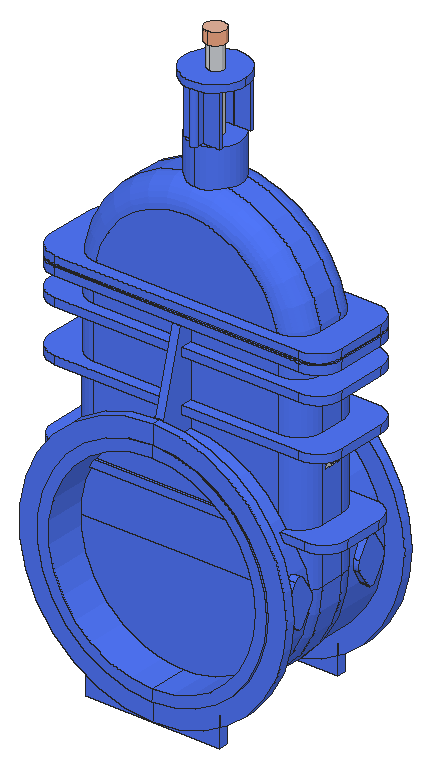
Revit family "54-3132-001 DN1200", category Pipe Accessories, Revit 2022
Family settings
  Round Connector Dimension = Use Diameter
  Part Type = Valve - Breaks Into
  Work Plane-Based = No
  Always vertical = No
  Cut with Voids When Loaded = No
  Shared = No
Parameters (values of type "54-1200-32-1304100")
  wedge_dim1 = Body_W * 1.1  # 460.35 mm
  sweep = size_lookup(Search_table, "sweep", 0.00 mm, DN)  # 6.00 mm
  stem_dim1 = Actuator_FLR * 0.65  # 113.75 mm
  stem_dim = F2 / 3  # 68.667 mm
  bottom_rib = OD * 0.5  # 773.00 mm
  W_half = W - W1  # 1018.00 mm
  W1 = size_lookup(Search_table, "W1", 0.00 mm, DN)  # 694.00 mm
  W = size_lookup(Search_table, "W", 0.00 mm, DN)  # 1712.00 mm
  Stem_dim = Actuator_FLR * 0.5  # 87.50 mm
  Rib_W = (Bonnet_FL_W * 0.9) / 2  # 251.10 mm
  Rib_L = (Bonnet_FL_L * 0.9) / 2  # 760.50 mm
  Rib_H4 = size_lookup(Search_table, "Rib_H4", 0.00 mm, DN)  # 1080.00 mm
  Rib_H3 = size_lookup(Search_table, "Rib_H3", 0.00 mm, DN)  # 930.00 mm
  Rib_H2 = size_lookup(Search_table, "Rib_H2", 0.00 mm, DN)  # 780.00 mm
  Rib_H1 = size_lookup(Search_table, "Rib_H1", 0.00 mm, DN)  # 300.00 mm
  Rib_H = Body_H * 0.8  # 970.80 mm
  Rib_Actual = W / 2  # 856.00 mm
  Raised_dis = size_lookup(Search_table, "Raised_dis", 0.00 mm, DN)  # 5.00 mm
  Raised_dia = size_lookup(Search_table, "Raised_dia", 0.00 mm, DN)  # 1328.00 mm
  PN = size_lookup(Search_table, "PN", 0.00 mm, DN)  # 16.00 mm
  OD1 = H2 * 2  # 1546.00 mm
  OD = size_lookup(Search_table, "OD", 0.00 mm, DN)  # 1546.00 mm
  L = size_lookup(Search_table, "L", 0.00 mm, DN)  # 914.00 mm
  H2 = size_lookup(Search_table, "H2", 0.00 mm, DN)  # 773.00 mm
  H1 = size_lookup(Search_table, "H1", 0.00 mm, DN)  # 2427.00 mm
  H = 782.00 mm
  Fillet = Body_W / 3  # 139.50 mm
  FL_T = size_lookup(Search_table, "FL_T", 0.00 mm, DN)  # 57.00 mm
  F2 = size_lookup(Search_table, "F2", 0.00 mm, DN)  # 206.00 mm
  F1 = F * 0.45  # 31.50 mm
  F = Actuator_FLR * 0.4  # 70.00 mm
  DN = 1200.17 mm
  Description_ = "AVK METAL SEAT GATE VALVE, FLANGED, PN 10/16"
  Default Elevation = 0.00 mm
  Search_table = "54-3132-001 DN1200"
  URL product pages = "https://www.avkvalves.com/P.aspx?no=540350310101100"
  Cut_dis = Bonnet_FL_T / 2  # 54.15 mm
  Bypass_R1 = Bypass_R * 2  # 58.00 mm
  Bypass_R = size_lookup(Search_table, "Bypass_R", 0.00 mm, DN)  # 29.00 mm
  Bypass_W = size_lookup(Search_table, "Bypass_W", 0.00 mm, DN)  # 90.00 mm
  Bypass_Location = size_lookup(Search_table, "Bypass_Location", 0.00 mm, DN)  # 259.00 mm
  Bypass_L = size_lookup(Search_table, "Bypass_L", 0.00 mm, DN)  # 106.00 mm
  Bore = DN / 2  # 600.085 mm
  Bonnet_fillet = Fillet / 3  # 46.50 mm
  Bonnet_dim3 = H1 * 0.86  # 2087.22 mm
  Bonnet_dim2 = Body_W * 0.35  # 146.475 mm
  Bonnet_dim1 = Body_L * 0.2  # 270.40 mm
  Bonnet_FL_W = size_lookup(Search_table, "Bonnet_FL_W", 0.00 mm, DN)  # 558.00 mm
  Bonnet_FL_T = FL_T * 1.9  # 108.30 mm
  Bonnet_FL_L = size_lookup(Search_table, "Bonnet_FL_L", 0.00 mm, DN)  # 1690.00 mm
  Body_rib_T = FL_T * 0.4  # 22.80 mm
  Body_T = size_lookup(Search_table, "Body_T", 0.00 mm, DN) / 2  # 592.50 mm
  Body_W = Bonnet_FL_W * 0.75  # 418.50 mm
  Body_L = Bonnet_FL_L * 0.8  # 1352.00 mm
  Body_H = H1 / 2  # 1213.50 mm
  BP_centre = Bypass_R / 2  # 14.50 mm
  Actuator_dim2 = Actuator_dim1 * 0.6  # 63.00 mm
  Actuator_dim1 = Actuator_FLR * 0.6  # 105.00 mm
  Actuator_FLR = size_lookup(Search_table, "Actuator_FLR", 0.00 mm, DN) / 2  # 175.00 mm
  ADN = size_lookup(Search_table, "ADN", 0.00 mm, DN)  # 1200.00 mm
  ACtuator_T = Body_rib_T * 1.8  # 41.04 mm
  54-1200-32-1304100 = "DN1200_ PN16_ CTO"
  54-1200-32-1302100 = "DN1200_ PN16_ CTO"
  54-1200-32-0302100 = "DN1200_ PN10_ CTO"
  54-1200-31-1304100 = "DN1200_ PN16_ CTC"
  54-1200-31-1303100 = "DN1200_ PN16_ CTC"
  54-1200-31-1302100 = "DN1200_ PN16_ CTC"
  54-1200-31-0304100 = "DN1200_ PN10_ CTC"
  54-1200-31-0303100 = "DN1200_ PN10_ CTC"
  54-1200-31-0302100 = "DN1200_ PN10_ CTC"
  10 = 10.00 mm  # constant formula
  1 = 1.00 mm  # constant formula
Types (10, lengths in mm): name | stem_dim1 | stem_dim | Stem_dim | PN | FL_T | F2 | F1 | F | DN | Cut_dis | Bore | Bonnet_FL_T | Body_rib_T | Actuator_dim2 | Actuator_dim1 | Actuator_FLR | ACtuator_T
  (no name) | 113.75 | 68.667 | 87.50 | 16.00 | 57.00 | 206.00 | 31.50 | 70.00 | 1200.17 | 54.15 | 600.085 | 108.30 | 22.80 | 63.00 | 105.00 | 175.00 | 41.04
  54-1200-31-0302100 | 68.25 | 45.333 | 52.50 | 10.00 | 45.00 | 136.00 | 18.90 | 42.00 | 1200.00 | 42.75 | 600.00 | 85.50 | 18.00 | 37.80 | 63.00 | 105.00 | 32.40
  54-1200-31-0303100 | 97.50 | 58.667 | 75.00 | 10.00 | 45.00 | 176.00 | 27.00 | 60.00 | 1200.10 | 42.75 | 600.05 | 85.50 | 18.00 | 54.00 | 90.00 | 150.00 | 32.40
  54-1200-31-0304100 | 113.75 | 68.667 | 87.50 | 10.00 | 45.00 | 206.00 | 31.50 | 70.00 | 1200.11 | 42.75 | 600.055 | 85.50 | 18.00 | 63.00 | 105.00 | 175.00 | 32.40
  54-1200-31-1302100 | 68.25 | 45.333 | 52.50 | 16.00 | 57.00 | 136.00 | 18.90 | 42.00 | 1200.12 | 54.15 | 600.06 | 108.30 | 22.80 | 37.80 | 63.00 | 105.00 | 41.04
  54-1200-31-1303100 | 97.50 | 58.667 | 75.00 | 16.00 | 57.00 | 176.00 | 27.00 | 60.00 | 1200.13 | 54.15 | 600.065 | 108.30 | 22.80 | 54.00 | 90.00 | 150.00 | 41.04
  54-1200-31-1304100 | 113.75 | 68.667 | 87.50 | 16.00 | 57.00 | 206.00 | 31.50 | 70.00 | 1200.14 | 54.15 | 600.07 | 108.30 | 22.80 | 63.00 | 105.00 | 175.00 | 41.04
  54-1200-32-0302100 | 68.25 | 45.333 | 52.50 | 10.00 | 45.00 | 136.00 | 18.90 | 42.00 | 1200.15 | 42.75 | 600.075 | 85.50 | 18.00 | 37.80 | 63.00 | 105.00 | 32.40
  54-1200-32-1302100 | 68.25 | 45.333 | 52.50 | 16.00 | 57.00 | 136.00 | 18.90 | 42.00 | 1200.16 | 54.15 | 600.08 | 108.30 | 22.80 | 37.80 | 63.00 | 105.00 | 41.04
  54-1200-32-1304100 | 113.75 | 68.667 | 87.50 | 16.00 | 57.00 | 206.00 | 31.50 | 70.00 | 1200.17 | 54.15 | 600.085 | 108.30 | 22.80 | 63.00 | 105.00 | 175.00 | 41.04
Reference planes
  plane 1 "Center (Front/Back)": y = 0
  plane 2: z = 0
  plane 3 "Center (Left/Right)": x = 0
  plane 4: z = 600.085
  plane 5: y = 190.5
  plane 6: y = -190.5
  plane 7: x = -1018
  plane 8: y = 457
  plane 9: y = -457
  plane 10: y = 400
  plane 11: y = -400
  plane 12: z = 773
  plane 13: z = -773
  plane 14: z = 773
  plane 15: z = -773
  plane 16: z = 664
  plane 17: z = -664
  plane 18: y = 209.25
  plane 19: y = -209.25
  plane 20: x = -676
  plane 21: x = 676
  plane 22: z = 1213.5
  plane 23: y = 279
  plane 24: y = -279
  plane 25: x = -845
  plane 26: x = 845
  plane 27: z = 1321.8
  plane 28: z = 2427
  plane 29: y = 279
  plane 30: y = -279
  plane 31: z = 2087.22
  plane 32: z = 300
  plane 33: z = 277.5
  plane 34: y = -279
  plane 35: y = 279
  plane 36: z = 2633
  plane 37: x = 694
  plane 38: x = 671.2
  plane 39: y = 230.175
  plane 40: y = -230.175
  plane 41: x = -386.5
  plane 42: x = 386.5
  plane 43: z = -600.085
  plane 44: y = -452
  plane 45: y = 452
  plane 46: x = -386.5
  plane 47: x = 386.5
  plane 48: z = -600.085
  plane 49: x = -35
  plane 50: x = 35
  plane 51: x = -15.75
  plane 52: x = 15.75
  plane 53: x = -175
  plane 54: x = 175
  plane 55: x = 600.085
  plane 56: z = 780
  plane 57: z = 930
  plane 58: z = 1080
  plane 59: z = 2564.333
  plane 60: y = -259
  plane 61: y = 259
Forms (mm)
  Revolve 1, solid, material "Plastic"
    sketch origin (0, 0, 0) x (0, 1, 0) y (0, 0, 1)
      loop
        line (457, 600.085) -> (457, 664) -> (452, 664) -> (452, 773) -> (400, 773) -> (400, 657.085) -> (-400, 657.085) -> (-400, 773) -> (-452, 773) -> (-452, 664) -> (-457, 664) -> (-457, 600.085) -> (457, 600.085)
      axis (457, 0) -> (-457, 0)
    angle from 0 to 360
  Extrusion 2, solid, material "Plastic"
    sketch origin (0, 0, 0) x (1, 0, 0) y (0, 1, 0)
      loop
        arc (-536.5, 209.25) -> (-635.141, 168.391) -> (-676, 69.75) r 139.5
        line (-676, 69.75) -> (-676, -69.75)
        arc (-676, -69.75) -> (-635.141, -168.391) -> (-536.5, -209.25) r 139.5
        line (-536.5, -209.25) -> (536.5, -209.25)
        arc (536.5, -209.25) -> (635.141, -168.391) -> (676, -69.75) r 139.5
        line (676, -69.75) -> (676, 69.75)
        arc (676, 69.75) -> (635.141, 168.391) -> (536.5, 209.25) r 139.5
        line (536.5, 209.25) -> (-536.5, 209.25)
    from 0 to 1213.5
  Revolve 3, solid, material "Plastic"
    sketch origin (0, 0, 0) x (1, 0, 0) y (0, 1, 0)
      loop
        arc (-536.5, 209.25) -> (-635.141, 168.391) -> (-676, 69.75) r 139.5
        line (-676, 69.75) -> (-676, -69.75)
        arc (-676, -69.75) -> (-635.141, -168.391) -> (-536.5, -209.25) r 139.5
        line (-536.5, -209.25) -> (0, -209.25) -> (0, 209.25) -> (-536.5, 209.25)
      axis (0, 209.25) -> (0, -209.25)
    angle from 0 to 180
  Extrusion 4, solid, material "Plastic"
    sketch origin (0, 417.889, 1213.5) x (0, 1, 0) y (-1, 0, 0)
      loop
        arc (-138.889, 705.5) -> (-179.748, 804.141) -> (-278.389, 845) r 139.5
        line (-278.389, 845) -> (-557.389, 845)
        arc (-557.389, 845) -> (-656.03, 804.141) -> (-696.889, 705.5) r 139.5
        line (-696.889, 705.5) -> (-696.889, -705.5)
        arc (-696.889, -705.5) -> (-656.03, -804.141) -> (-557.389, -845) r 139.5
        line (-557.389, -845) -> (-278.389, -845)
        arc (-278.389, -845) -> (-179.748, -804.141) -> (-138.889, -705.5) r 139.5
        line (-138.889, -705.5) -> (-138.889, 705.5)
    from 0 to 108.3
  Revolve 5, solid, material "Plastic"
    sketch origin (0, 417.889, 1213.5) x (0, 1, 0) y (-1, 0, 0)
      loop
        arc (-348.139, -676) -> (-249.498, -635.141) -> (-208.639, -536.5) r 139.5
        line (-208.639, -536.5) -> (-208.639, 0) -> (-627.139, 0) -> (-627.139, -536.5)
        arc (-627.139, -536.5) -> (-586.28, -635.141) -> (-487.639, -676) r 139.5
        line (-487.639, -676) -> (-348.139, -676)
      axis (-208.639, 0) -> (-627.139, 0)
    angle from 360 to 180
  Sweep 6, void
    path in 3D
      loop
        arc (-705.5, 279, 1321.8) -> (-804.141, 238.141, 1321.8) -> (-845, 139.5, 1321.8) r 139.5
        line (-845, 139.5, 1321.8) -> (-845, -139.5, 1321.8)
        arc (-845, -139.5, 1321.8) -> (-804.141, -238.141, 1321.8) -> (-705.5, -279, 1321.8) r 139.5
        line (-705.5, -279, 1321.8) -> (705.5, -279, 1321.8)
        arc (705.5, -279, 1321.8) -> (804.141, -238.141, 1321.8) -> (845, -139.5, 1321.8) r 139.5
        line (845, -139.5, 1321.8) -> (845, 139.5, 1321.8)
        arc (845, 139.5, 1321.8) -> (804.141, 238.141, 1321.8) -> (705.5, 279, 1321.8) r 139.5
        line (705.5, 279, 1321.8) -> (-705.5, 279, 1321.8)
    profile origin (0, 279, 1321.8) x (0, -1, 0) y (0, 0, 1)
      loop
        circle (0, -54.15) r 6
  Extrusion 7, solid, material "Plastic"
    sketch origin (0, 417.889, 1213.5) x (0, 1, 0) y (-1, 0, 0)
      loop
        circle (-417.889, 0) r 146.475
    from 873.72 to 0
  Extrusion 8, solid, material "Plastic"
    sketch origin (-848.252, -1524, 300) x (-1, 0, 0) y (0, -1, 0)
      loop
        arc (-131.752, -1775.1) -> (-33.111, -1734.241) -> (7.748, -1635.6) r 139.5
        line (7.748, -1635.6) -> (7.748, -1412.4)
        arc (7.748, -1412.4) -> (-33.111, -1313.759) -> (-131.752, -1272.9) r 139.5
        line (-131.752, -1272.9) -> (-1564.752, -1272.9)
        arc (-1564.752, -1272.9) -> (-1663.394, -1313.759) -> (-1704.252, -1412.4) r 139.5
        line (-1704.252, -1412.4) -> (-1704.252, -1635.6)
        arc (-1704.252, -1635.6) -> (-1663.394, -1734.241) -> (-1564.752, -1775.1) r 139.5
        line (-1564.752, -1775.1) -> (-131.752, -1775.1)
    from -22.8 to 22.8
  Extrusion 9, solid, material "Plastic"
    sketch origin (0, 0, 0) x (0, 1, 0) y (0, 0, 1)
      loop
        line (279, 1213.5) -> (209.25, 1213.5) -> (209.25, 600.085) -> (400, 600.085) -> (400, 773) -> (279, 1213.5)
      loop
        line (-279, 1213.5) -> (-400, 773) -> (-400, 600.085) -> (-209.25, 600.085) -> (-209.25, 1213.5) -> (-279, 1213.5)
    from -22.8 to 22.8
  Extrusion 10, solid, material "Plastic"
    sketch origin (-736.328, -1524, 2427) x (-1, 0, 0) y (0, -1, 0)
      loop
        circle (-736.328, -1524) r 175
    from 0 to -41.04
  Extrusion 11, solid, material "Plastic"
    sketch origin (-736.328, -1524, 2427) x (-1, 0, 0) y (0, -1, 0)
      loop
        line (-713.528, -1629) -> (-759.128, -1629) -> (-759.128, -1676.2)
        arc (-759.128, -1676.2) -> (-736.328, -1699) -> (-713.528, -1676.2) r 22.8
        line (-713.528, -1676.2) -> (-713.528, -1629)
      loop
        line (-713.528, -1419) -> (-713.528, -1371.8)
        arc (-713.528, -1371.8) -> (-736.328, -1349) -> (-759.128, -1371.8) r 22.8
        line (-759.128, -1371.8) -> (-759.128, -1419) -> (-713.528, -1419)
    from -41.04 to -339.78
  Revolve 12, solid, material "Plastic"
    sketch origin (0, 0, 0) x (1, 0, 0) y (0, 1, 0)
      loop
        line (0, 230.175) -> (0, -230.175) -> (600.085, -230.175) -> (600.085, 230.175) -> (0, 230.175)
      axis (0, 230.175) -> (0, -230.175)
    angle from 0 to 360
  Extrusion 13, solid, material "Plastic"
    sketch origin (0, 0, 0) x (1, 0, 0) y (0, 0, 1)
      loop
        line (-386.5, -601.085) -> (-386.5, -773) -> (386.5, -773) -> (386.5, -601.085) -> (-386.5, -601.085)
    from 400 to 451
  Extrusion 14, solid, material "Plastic"
    sketch origin (0, 0, 0) x (1, 0, 0) y (0, 0, 1)
      loop
        line (-386.5, -773) -> (386.5, -773) -> (386.5, -601.085) -> (-386.5, -601.085) -> (-386.5, -773)
    from -451 to -400
  Extrusion 15, solid, material "Plastic"
    sketch origin (4267.2, -575.671, 780) x (0, -1, 0) y (1, 0, 0)
      loop
        arc (-854.671, -4972.7) -> (-813.812, -5071.341) -> (-715.171, -5112.2) r 139.5
        line (-715.171, -5112.2) -> (-436.171, -5112.2)
        arc (-436.171, -5112.2) -> (-337.53, -5071.341) -> (-296.671, -4972.7) r 139.5
        line (-296.671, -4972.7) -> (-296.671, -3561.7)
        arc (-296.671, -3561.7) -> (-337.53, -3463.059) -> (-436.171, -3422.2) r 139.5
        line (-436.171, -3422.2) -> (-715.171, -3422.2)
        arc (-715.171, -3422.2) -> (-813.812, -3463.059) -> (-854.671, -3561.7) r 139.5
        line (-854.671, -3561.7) -> (-854.671, -4972.7)
    from -22.8 to 22.8
  Extrusion 16, solid, material "Plastic"
    sketch origin (4267.2, -664.232, 1080) x (0, -1, 0) y (1, 0, 0)
      loop
        arc (-943.232, -4972.7) -> (-902.374, -5071.341) -> (-803.732, -5112.2) r 139.5
        line (-803.732, -5112.2) -> (-524.732, -5112.2)
        arc (-524.732, -5112.2) -> (-426.091, -5071.341) -> (-385.232, -4972.7) r 139.5
        line (-385.232, -4972.7) -> (-385.232, -3561.7)
        arc (-385.232, -3561.7) -> (-426.091, -3463.059) -> (-524.732, -3422.2) r 139.5
        line (-524.732, -3422.2) -> (-803.732, -3422.2)
        arc (-803.732, -3422.2) -> (-902.374, -3463.059) -> (-943.232, -3561.7) r 139.5
        line (-943.232, -3561.7) -> (-943.232, -4972.7)
    from -22.8 to 22.8
  Extrusion 17, solid, material "Plastic"
    sketch origin (4267.2, -664.232, 1080) x (0, -1, 0) y (1, 0, 0)
      loop
        line (-769.232, -4314.45) -> (-769.232, -4146.45) -> (-780.616, -4146.45) -> (-780.616, -4356.45) -> (-547.848, -4356.45) -> (-547.848, -4146.45) -> (-559.232, -4146.45) -> (-559.232, -4314.45) -> (-769.232, -4314.45)
    from 1007.22 to 1305.96
  Extrusion 18, solid, material "Default"
    sketch origin (4267.2, -664.232, 1080) x (0, -1, 0) y (1, 0, 0)
      loop
        circle (-664.232, -4267.2) r 56.875
    from 1484.333 to 1553
  Extrusion 19, solid
    sketch origin (4267.2, -664.232, 1080) x (0, -1, 0) y (1, 0, 0)
      loop
        circle (-664.232, -4267.2) r 43.75
    from 1484.333 to 1007.22
  Extrusion 20, solid, material "Plastic"
    sketch origin (0, 0, -20.104) x (0, 1, 0) y (0, 0, 1)
      loop
        line (-283.598, 141.464) -> (-340.197, 50.824)
        arc (-340.197, 50.824) -> (-349, 20.104) -> (-340.197, -10.616) r 58
        line (-340.197, -10.616) -> (-283.598, -101.256)
        arc (-283.598, -101.256) -> (-259, -114.896) -> (-234.402, -101.256) r 29
        line (-234.402, -101.256) -> (-177.803, -10.616)
        arc (-177.803, -10.616) -> (-169, 20.104) -> (-177.803, 50.824) r 58
        line (-177.803, 50.824) -> (-234.402, 141.464)
        arc (-234.402, 141.464) -> (-259, 155.104) -> (-283.598, 141.464) r 29
      loop
        arc (283.598, 141.464) -> (259, 155.104) -> (234.402, 141.464) r 29
        line (234.402, 141.464) -> (177.803, 50.824)
        arc (177.803, 50.824) -> (169, 20.104) -> (177.803, -10.616) r 58
        line (177.803, -10.616) -> (234.402, -101.256)
        arc (234.402, -101.256) -> (259, -114.896) -> (283.598, -101.256) r 29
        line (283.598, -101.256) -> (340.197, -10.616)
        arc (340.197, -10.616) -> (349, 20.104) -> (340.197, 50.824) r 58
        line (340.197, 50.824) -> (283.598, 141.464)
    from 694 to 600.085
Cuts and joins
  Sweep 6 cuts Extrusion 4
Lines and regions (mm)
  sketch lines
    curve 1: line (705.5, 279, 1321.8) -> (-705.5, 279, 1321.8)
    curve 2: arc (-845, 139.5, 1321.8) -> (-804.141, 238.141, 1321.8) -> (-705.5, 279, 1321.8) r 139.5
    curve 3: line (-845, 139.5, 1321.8) -> (-845, -139.5, 1321.8)
    curve 4: arc (-705.5, -279, 1321.8) -> (-804.141, -238.141, 1321.8) -> (-845, -139.5, 1321.8) r 139.5
    curve 5: line (-705.5, -279, 1321.8) -> (705.5, -279, 1321.8)
    curve 6: arc (845, -139.5, 1321.8) -> (804.141, -238.141, 1321.8) -> (705.5, -279, 1321.8) r 139.5
    curve 7: line (845, -139.5, 1321.8) -> (845, 139.5, 1321.8)
    curve 8: arc (705.5, 279, 1321.8) -> (804.141, 238.141, 1321.8) -> (845, 139.5, 1321.8) r 139.5
Dimensions and locks
  "Bore": plane 4 to level
  equal spacing: plane 5, plane 1 "Center (Front/Back)", plane 6
  plane 3 "Center (Left/Right)" to plane 7 = 1018.00 mm
  "Bore": Revolve 1 sketch curve to level
  equal spacing: Revolve 1, plane 1 "Center (Front/Back)", Revolve 1
  equal spacing: Revolve 1 sketch curve, plane 1 "Center (Front/Back)", Revolve 1 sketch curve  (x3)
  equal spacing: plane 8, plane 1 "Center (Front/Back)", plane 9
  "L": plane 8 to plane 9
  equal spacing: plane 10, plane 1 "Center (Front/Back)", plane 11
  "FL_T": plane 8 to plane 10
  equal spacing: plane 13, level, plane 12
  "OD": plane 12 to plane 13
  "Raised_dis": plane 8 to Revolve 1
  equal spacing: plane 16, level, plane 17
  equal spacing: plane 14, level, plane 15
  "OD1": plane 14 to plane 15
  "Raised_dia": plane 16 to plane 17
  "FL_T": Revolve 1 sketch curve to plane 4
  equal spacing: plane 19, plane 1 "Center (Front/Back)", plane 18
  "Body_W": plane 18 to plane 19
  equal spacing: plane 20, plane 3 "Center (Left/Right)", plane 21
  "Body_L": plane 20 to plane 21
  equal spacing: Extrusion 2 sketch curve, plane 3 "Center (Left/Right)", Extrusion 2 sketch curve
  equal spacing: Extrusion 2 sketch curve, plane 1 "Center (Front/Back)", Extrusion 2 sketch curve
  "Body_H": Extrusion 2 to level
  "Body_H": plane 22 to level
  equal spacing: Extrusion 4 sketch curve, plane 1 "Center (Front/Back)", Extrusion 4 sketch curve
  equal spacing: Extrusion 4 sketch curve, plane 3 "Center (Left/Right)", Extrusion 4 sketch curve
  equal spacing: plane 24, plane 1 "Center (Front/Back)", plane 23
  "Bonnet_FL_W": plane 23 to plane 24
  equal spacing: plane 25, plane 3 "Center (Left/Right)", plane 26
  "Bonnet_FL_L": plane 25 to plane 26
  "Bonnet_FL_T": plane 27 to plane 22
  "H1": plane 28 to level
  equal spacing: plane 29, plane 1 "Center (Front/Back)", plane 30
  "Bonnet_FL_W": plane 29 to plane 30
  equal spacing: plane 27, Sweep 6 sketch curve, plane 22
  "sweep": plane 29 to Sweep 6 sketch curve
  "Bonnet_dim3": plane 31 to level
  "Rib_H1": plane 32 to level
  equal spacing: Extrusion 8 sketch curve, plane 1 "Center (Front/Back)", Extrusion 8 sketch curve
  equal spacing: Extrusion 8 sketch curve, plane 3 "Center (Left/Right)", Extrusion 8 sketch curve
  equal spacing: Extrusion 8, plane 32, Extrusion 8
  "Body_rib_T": plane 32 to Extrusion 8
  "Rib_W": plane 1 "Center (Front/Back)" to Extrusion 8 sketch curve
  "Rib_Actual": Extrusion 8 sketch curve to plane 3 "Center (Left/Right)"
  "OD": plane 13 to Extrusion 9 sketch curve  (x2)
  equal spacing: plane 35, plane 1 "Center (Front/Back)", plane 34
  "Bonnet_FL_W": plane 35 to plane 34
  "Bonnet_FL_W": Extrusion 9 sketch curve to plane 34
  "Bonnet_FL_W": plane 35 to Extrusion 9 sketch curve
  equal spacing: Extrusion 9, plane 3 "Center (Left/Right)", Extrusion 9
  "Body_rib_T": plane 3 "Center (Left/Right)" to Extrusion 9
  "F2": plane 36 to plane 28
  equal spacing: Extrusion 10 sketch curve, plane 3 "Center (Left/Right)", Extrusion 10 sketch curve
  equal spacing: Extrusion 10 sketch curve, plane 1 "Center (Front/Back)", Extrusion 10 sketch curve
  "ACtuator_T": plane 28 to Extrusion 10
  "Body_rib_T": Extrusion 11 sketch curve to plane 3 "Center (Left/Right)"
  equal spacing: Extrusion 11 sketch curve, plane 3 "Center (Left/Right)", Extrusion 11 sketch curve
  "Actuator_FLR": plane 1 "Center (Front/Back)" to Extrusion 11 sketch curve
  equal spacing: Extrusion 11 sketch curve, plane 1 "Center (Front/Back)", Extrusion 11 sketch curve  (x2)
  "ACtuator_T": plane 28 to Extrusion 11
  "Body_rib_T": plane 37 to plane 38
  "W1": plane 37 to plane 3 "Center (Left/Right)"
  "W_half": plane 3 "Center (Left/Right)" to plane 7
  plane 37 to plane 7 = 1712.00 mm
  equal spacing: plane 40, plane 1 "Center (Front/Back)", plane 39
  "wedge_dim1": plane 39 to plane 40
  equal spacing: Revolve 12 sketch curve, plane 1 "Center (Front/Back)", Revolve 12 sketch curve
  "Bore": plane 3 "Center (Left/Right)" to Revolve 12 sketch curve
  equal spacing: Extrusion 13 sketch curve, plane 3 "Center (Left/Right)", Extrusion 13 sketch curve
  equal spacing: plane 42, plane 3 "Center (Left/Right)", plane 41
  "bottom_rib": plane 42 to plane 41
  "Bore": level to plane 43
  "Raised_dis": plane 9 to plane 44
  "1": plane 44 to Extrusion 13
  "Raised_dis": plane 45 to plane 8
  equal spacing: plane 47, plane 3 "Center (Left/Right)", plane 46
  "bottom_rib": plane 47 to plane 46
  "Bore": level to plane 48
  "1": plane 48 to Extrusion 14 sketch curve
  "1": Extrusion 14 to plane 45
  "1": plane 43 to Extrusion 13 sketch curve
  plane 9 to plane 8 = 914.00 mm
  plane 13 to level = 773.00 mm
  plane 28 to level = 2427.00 mm  (x2)
  level to plane 13 = 773.00 mm  (x2)
  equal spacing: plane 50, plane 3 "Center (Left/Right)", plane 49
  "F": plane 50 to plane 49
  equal spacing: plane 52, plane 3 "Center (Left/Right)", plane 51
  "F1": plane 52 to plane 51
  equal spacing: plane 54, plane 3 "Center (Left/Right)", plane 53
  "Actuator_FLR": plane 3 "Center (Left/Right)" to plane 53
  plane 54 to plane 53 = 350.00 mm
  "Bore": plane 55 to plane 3 "Center (Left/Right)"
  "Rib_H2": plane 56 to level
  equal spacing: Extrusion 15, plane 56, Extrusion 15  (x2)
  Extrusion 15 to plane 12 = 29.80 mm
  "Rib_H3": plane 57 to level
  "Rib_H4": plane 58 to level
  "Body_rib_T": Extrusion 15 to plane 56
  equal spacing: Extrusion 16, plane 58, Extrusion 16
  "Body_rib_T": Extrusion 16 to plane 58
  equal spacing: Extrusion 17 sketch curve, plane 52, Extrusion 17 sketch curve
  equal spacing: Extrusion 17 sketch curve, plane 1 "Center (Front/Back)", Extrusion 17 sketch curve  (x2)
  "Actuator_dim2": Extrusion 17 sketch curve to plane 52
  "Actuator_dim1": plane 1 "Center (Front/Back)" to Extrusion 17 sketch curve
  "Actuator_dim1": plane 52 to Extrusion 17 sketch curve
  "ACtuator_T": plane 28 to Extrusion 17
  "Actuator_dim1": plane 1 "Center (Front/Back)" to Extrusion 11 sketch curve
  equal spacing: Extrusion 7 sketch curve, plane 1 "Center (Front/Back)", Extrusion 7 sketch curve
  equal spacing: Extrusion 7 sketch curve, plane 3 "Center (Left/Right)", Extrusion 7 sketch curve
  equal spacing: Extrusion 18 sketch curve, plane 3 "Center (Left/Right)", Extrusion 18 sketch curve
  equal spacing: Extrusion 18 sketch curve, plane 1 "Center (Front/Back)", Extrusion 18 sketch curve
  equal spacing: Extrusion 19 sketch curve, plane 3 "Center (Left/Right)", Extrusion 19 sketch curve
  equal spacing: Extrusion 19 sketch curve, plane 1 "Center (Front/Back)", Extrusion 19 sketch curve
  "stem_dim": plane 36 to plane 59
  equal spacing: plane 60, plane 1 "Center (Front/Back)", plane 61
  "Bypass_Location": plane 60 to plane 1 "Center (Front/Back)"
  "Bypass_Location": Extrusion 20 sketch curve to plane 1 "Center (Front/Back)"
  "Bypass_L": Extrusion 20 sketch curve to level  (x4)
  "Bypass_W": Extrusion 20 sketch curve to plane 60
  "Bypass_W": plane 60 to Extrusion 20 sketch curve
  "Bypass_Location": plane 1 "Center (Front/Back)" to Extrusion 20 sketch curve
  "Bypass_W": Extrusion 20 sketch curve to plane 61
  "Bypass_W": plane 61 to Extrusion 20 sketch curve
  "Fillet": radius of Extrusion 2 sketch curve  (x4)
  "Fillet": radius of Extrusion 4 sketch curve  (x4)
  "sweep": radius of Sweep 6 sketch curve
  "Fillet": radius of Extrusion 8 sketch curve  (x4)
  "Actuator_FLR": radius of Extrusion 10 sketch curve
  "Bonnet_dim2": radius of Extrusion 7 sketch curve
  "stem_dim1": diameter of Extrusion 18 sketch curve
  "Stem_dim": diameter of Extrusion 19 sketch curve
  "Bypass_R": radius of Extrusion 20 sketch curve  (x4)
  "Bypass_R1": radius of Extrusion 20 sketch curve  (x4)
  aligned and locked: level to plane 2
  aligned and locked: Revolve 1 sketch curve to Revolve 1 sketch curve  (x2)
  aligned and locked: Revolve 1 sketch curve to level
  aligned and locked: plane 8 to Revolve 1
  aligned and locked: Revolve 1 to plane 10
  aligned and locked: plane 14 to Revolve 1 sketch curve
  aligned and locked: plane 16 to Revolve 1 sketch curve
  aligned and locked: Extrusion 2 sketch curve to plane 18
  aligned and locked: plane 20 to Extrusion 2 sketch curve
  aligned and locked: Extrusion 2 to level
  aligned and locked: Revolve 3 sketch curve to Extrusion 2  (x2)
  aligned and locked: Revolve 3 sketch curve to plane 3 "Center (Left/Right)"  (x2)
  aligned and locked: Extrusion 4 sketch curve to plane 23
  aligned and locked: plane 25 to Extrusion 4 sketch curve
  aligned and locked: plane 27 to Extrusion 4
  aligned and locked: Revolve 5 sketch curve to Extrusion 2  (x2)
  aligned and locked: Revolve 5 sketch curve to plane 3 "Center (Left/Right)"  (x2)
  aligned and locked: plane 22 to Revolve 5
  aligned and locked: Revolve 5 to plane 22
  aligned and locked: level to Revolve 3
  aligned and locked: Revolve 3 to level
  aligned and locked: plane 31 to Extrusion 7
  aligned and locked: Extrusion 7 to plane 22
  aligned and locked: plane 4 to Extrusion 9 sketch curve
  aligned and locked: plane 18 to Extrusion 9 sketch curve
  aligned and locked: Extrusion 9 sketch curve to plane 22
  aligned and locked: plane 10 to Extrusion 9 sketch curve
  aligned and locked: Extrusion 9 sketch curve to plane 4
  aligned and locked: Extrusion 9 sketch curve to plane 11
  aligned and locked: plane 19 to Extrusion 9 sketch curve
  aligned and locked: plane 22 to Extrusion 9 sketch curve
  aligned and locked: Extrusion 10 to plane 28
  aligned and locked: Extrusion 11 to plane 31
  aligned and locked: plane 3 "Center (Left/Right)" to Revolve 12 sketch curve
  aligned and locked: Revolve 12 sketch curve to plane 39
  aligned and locked: Revolve 12 sketch curve to plane 3 "Center (Left/Right)"
  aligned and locked: nested 1 to plane 4
  aligned and locked: nested 1 to plane 1 "Center (Front/Back)"
  aligned and locked: plane 13 to Extrusion 13 sketch curve
  aligned and locked: Extrusion 13 to plane 11
  aligned and locked: Extrusion 14 sketch curve to plane 13
  aligned and locked: plane 10 to Extrusion 14
  aligned and locked: Extrusion 15 sketch curve to cut or joined group of Extrusion 4, Sweep 6  (x4)
  aligned and locked: Extrusion 16 sketch curve to cut or joined group of Extrusion 4, Sweep 6  (x4)
  aligned and locked: Extrusion 17 sketch curve to Extrusion 17 sketch curve
  aligned and locked: Extrusion 17 to plane 31
  aligned and locked: plane 36 to Extrusion 18
  aligned and locked: Extrusion 19 to plane 31
  aligned and locked: Extrusion 18 to plane 59
  aligned and locked: plane 59 to Extrusion 19
  aligned and locked: Extrusion 20 to plane 37
  aligned and locked: Extrusion 20 to plane 55
  aligned and locked: Extrusion 11 sketch curve to Extrusion 11 sketch curve  (x2)
  aligned and locked: plane 47 to Extrusion 14 sketch curve
  aligned and locked: Extrusion 14 sketch curve to plane 46
  aligned and locked: Extrusion 13 to Extrusion 14
Automatic sketch dimensions
  plane 11 to Revolve 3 sketch curve = 32.17 mm
  plane 10 to Revolve 3 sketch curve = 29.83 mm
  Revolve 5 sketch curve to plane 11 = 0.00 mm
  Revolve 5 sketch curve to plane 5 = 93.932 mm
  Revolve 1 sketch curve to plane 9 = 0.00 mm
  Revolve 1 sketch curve to plane 44 = 0.00 mm
  Revolve 1 sketch curve to plane 11 = 0.00 mm
  Revolve 1 sketch curve to plane 44 = 1.981 mm
  Revolve 1 sketch curve to plane 5 = 1.519 mm
  plane 9 to Revolve 12 sketch curve = 103.322 mm
  Revolve 12 sketch curve to plane 8 = 234.678 mm
  Extrusion 13 sketch curve to plane 41 = 0.00 mm
  Extrusion 17 sketch curve to Extrusion 17 sketch curve = 11.384 mm
  Extrusion 20 sketch curve to plane 60 = 0.00 mm
  Extrusion 20 sketch curve to plane 61 = 0.00 mm
  Extrusion 20 sketch curve to level = 0.00 mm  (x4)
Nested families
  nested 1: "logo large-1" at (676, 0, 600.085) x (0, 1, 0) z (1, 0, 0), type "logo large-1"
Connectors
  piping at (0, -452, 0), diameter 1200.17, driven by "DN"
    settings: on Revolve 1, index 1, connector inside diameter 609.6 mm, connector length 0.00 mm, flow factor 0, pipe flow 0.0 L/s, pressure drop 0.0 Pa, fitting loss kfactor 0, connector angle 0.00°, fixture units 0, engagement length 0.00 mm, angle of deflection 0.00°, flow configuration 0, flow direction 0, fitting loss method 0, system type 7, joint type 0, gender type 0, connector reference index -1, connector utility 0, adjustable connector no, is connector primary yes, connector description ""
  piping at (0, 457, 0), diameter 1200.17, driven by "DN"
    settings: on Revolve 1, index 2, connector inside diameter 609.6 mm, connector length 0.00 mm, flow factor 0, pipe flow 0.0 L/s, pressure drop 0.0 Pa, fitting loss kfactor 0, connector angle 0.00°, fixture units 0, engagement length 0.00 mm, angle of deflection 0.00°, flow configuration 0, flow direction 0, fitting loss method 0, system type 7, joint type 0, gender type 0, connector reference index -1, connector utility 0, adjustable connector no, is connector primary no, connector description ""
Definition of nested family "logo large-1"
  Parameters (values of type "logo large-1")
    Default Elevation = 1219.20 mm
    DN600 = yes
    DN500 = yes
  Reference planes
    plane 1 "Center (Front/Back)": y = 0
    plane 2: z = 0
    plane 3 "Center (Left/Right)": x = 0
  Forms (mm)
    Extrusion 1, solid
      sketch origin (0, 0, 0) x (1, 0, 0) y (0, 1, 0)
        loop
          line (-1219.2, 1219.2) -> (-1219.2, -1219.2) -> (1219.2, -1219.2) -> (1219.2, 1219.2) -> (-1219.2, 1219.2)
      from 0 to -304.8
    Extrusion 2, solid, visible <- "DN600"
      sketch origin (0, 0, 0) x (1, 0, 0) y (0, 1, 0)
        loop
          line (-13.414, 47.067) -> (-49.421, 47.067) -> (-49.421, 37.301) -> (-20.11, 37.301) -> (-4.923, 0) -> (4.923, 0) -> (20.11, 37.301) -> (49.421, 37.301) -> (49.421, 47.067) -> (13.414, 47.067) -> (0, 14.12) -> (-13.414, 47.067)
        loop
          line (-49.421, 24.122) -> (-40.161, 24.122) -> (-49.421, 0) -> (-38.959, 0) -> (-36.972, 5.177) -> (-21.641, 5.177) -> (-19.533, 0) -> (-8.989, 0) -> (-22.642, 33.536) -> (-49.421, 33.536) -> (-49.421, 24.122)
        loop
          line (-34.548, 14.12) -> (-25.282, 14.12) -> (-30.051, 25.833) -> (-34.548, 14.12)
        loop
          line (22.642, 33.536) -> (8.989, 0) -> (19.533, 0) -> (24.902, 13.186) -> (34.838, 0) -> (47.067, 0) -> (35.829, 14.914)
          arc (35.829, 14.914) -> (42.384, 18.149) -> (46.597, 24.122) r 14.826
          line (46.597, 24.122) -> (49.421, 24.122) -> (49.421, 33.536) -> (40.007, 33.536)
          arc (40.007, 33.536) -> (36.577, 25.039) -> (28.208, 21.306) r 12.238
          line (28.208, 21.306) -> (33.187, 33.536) -> (22.642, 33.536)
      from 0 to 1
  Dimensions and locks
    aligned and locked: plane 2 to Extrusion 1
    aligned and locked: level to Extrusion 1
